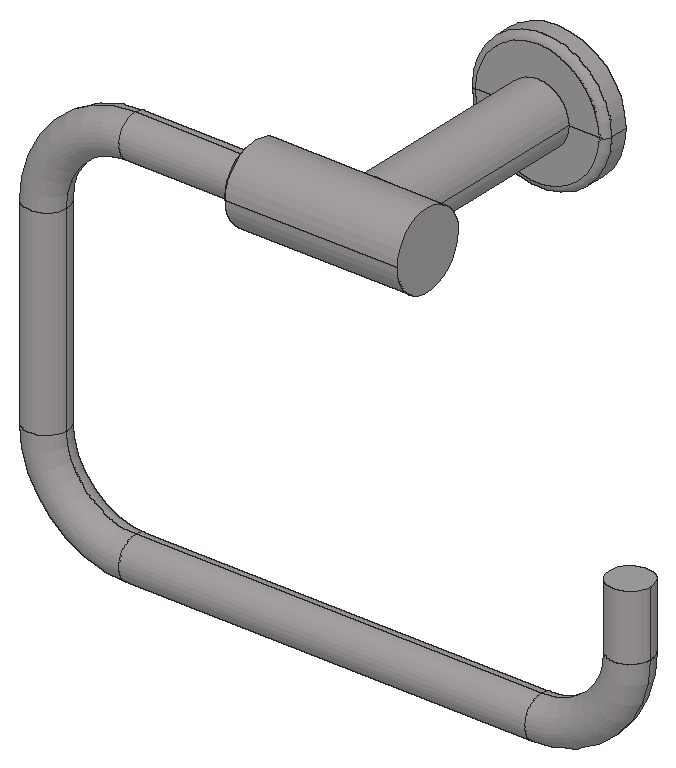
Revit family "Reece_Accessory_Mizu_Drift_Guest Towel Holder_Square", category Plumbing Fixtures, Revit 2018
Family settings
  Round Connector Dimension = Use Diameter
  Part Type = Normal
  Work Plane-Based = Yes
  Always vertical = Yes
  Cut with Voids When Loaded = Yes
  Shared = Yes
  Room Calculation Point = Yes
Parameters (values of type "Brushed Gunmetal")
  URL = "https://www.reece.com.au/product/-2217445"
  Type Comments = "Accessory"
  Reece_Product_Web Page = "https://www.reece.com.au/product/-2217445"
  Reece_Product_Type = "Accessory"  # constant formula
  Reece_Product_Sub Brand = "Drift"  # constant formula
  Reece_Product_Number = "2217445"
  Reece_Product_Mount = "Wall Mounted"  # constant formula
  Reece_Product_Description = "Mizu Drift Square Guest Towel Holder Brushed Gunmetal"
  Reece_Product_Brand = "Mizu"  # constant formula
  Reece_Overall_Width = 182 mm  # constant formula
  Reece_Overall_Height = 136 mm  # constant formula
  Reece_Material_Secondary = Reece_Brass_Matte Black
  Reece_Material_Main = Reece_Brass_Brushed Gunmetal
  Reece_Detail_Shape = "Square"
  Reece_Detail_Installation = ""
  Reece_Detail_Disclaimer = "THIS FILE IS THE PROPERTY OF THE REECE GROUP. IT MAY NOT BE REPRODUCED, REVERSE-ENGINEERED, OR MODIFIED. ANY REPUBLICATION, TRANSMISSION, OR DISTRIBUTION FOR THE PURPOSE OF COMMERCIALLY EXPLOITING THE FILES IS PROHIBITED."  # constant formula
  Reece_Detail_Connector = ""
  Reece_Detail_Additional = ""
  Reece_Backplate Radius = 20 mm  # constant formula
  Reece_Accessory_Projection = 83 mm  # constant formula
  Model = "Drift"
  Manufacturer = "Mizu"
  Keynote = "Product #2217445, Reece_Accessory_Mizu_Drift_Guest Towel Holder_Square - Brushed Gunmetal"
  Disclaimer = "THIS FILE IS THE PROPERTY OF THE REECE GROUP. IT MAY NOT BE REPRODUCED, REVERSE-ENGINEERED, OR MODIFIED. ANY REPUBLICATION, TRANSMISSION, OR DISTRIBUTION FOR THE PURPOSE OF COMMERCIALLY EXPLOITING THE FILES IS PROHIBITED."  # constant formula
  Description = "Mizu Drift Square Guest Towel Holder Brushed Gunmetal"
  Default Elevation = 1000 mm
Types (5, lengths in mm): name | URL | Reece_Product_Web Page | Reece_Product_Number | Reece_Product_Description | Reece_Material_Main | Keynote | Description
  Chrome | "https://www.reece.com.au/product/-2202095" | "https://www.reece.com.au/product/-2202095" | "2202095" | "Mizu Drift Square Guest Towel Holder Chrome" | Reece_Brass_Chrome | "Product #2202095, Reece_Accessory_Mizu_Drift_Guest Towel Holder_Square - Chrome" | "Mizu Drift Square Guest Towel Holder Chrome"
  Brushed Nickel | "https://www.reece.com.au/product/-9508233" | "https://www.reece.com.au/product/-9508233" | "9508233" | "Mizu Drift Square Guest Towel Holder Brushed Nickel" | Reece_Brass_Brushed Nickel | "Product #9508233, Reece_Accessory_Mizu_Drift_Guest Towel Holder_Square - Brushed Nickel" | "Mizu Drift Square Guest Towel Holder Brushed Nickel"
  Matte Black | "https://www.reece.com.au/product/-9506771" | "https://www.reece.com.au/product/-9506771" | "9506771" | "Mizu Drift Square Guest Towel Holder Matte Black" | Reece_Brass_Matte Black | "Product #9506771, Reece_Accessory_Mizu_Drift_Guest Towel Holder_Square - Matte Black" | "Mizu Drift Square Guest Towel Holder Matte Black"
  Brushed Gunmetal | "https://www.reece.com.au/product/-2217445" | "https://www.reece.com.au/product/-2217445" | "2217445" | "Mizu Drift Square Guest Towel Holder Brushed Gunmetal" | Reece_Brass_Brushed Gunmetal | "Product #2217445, Reece_Accessory_Mizu_Drift_Guest Towel Holder_Square - Brushed Gunmetal" | "Mizu Drift Square Guest Towel Holder Brushed Gunmetal"
  Brushed Brass | "https://www.reece.com.au/product/-9512447" | "https://www.reece.com.au/product/-9512447" | "9512447" | "Mizu Drift Square Guest Towel Holder Brushed Gunmetal" | Reece_Brass_Brushed | "Product #9512447, Reece_Accessory_Mizu_Drift_Guest Towel Holder_Square - Brushed Brass" | "Mizu Drift Square Guest Towel Holder Brushed Gunmetal"
Reference planes
  plane 1 "Center (Front/Back)": y = 0
  plane 2 "Bottom Host Plane": z = 0
  plane 3 "Center (Left/Right)": x = 0
  plane 4: z = -116
  plane 5: x = 85
  plane 6: x = -97
Forms (mm)
  Revolve 1, solid, material "Reece_Brass_Brushed Gunmetal" <- "Reece_Material_Main"
    sketch origin (-497.5, 0, 0) x (-1, 0, 0) y (0, -1, 0)
      loop
        line (-497.5, 0) -> (-477.5, 0) -> (-477.5, 5)
        arc (-477.5, 5) -> (-478.086, 6.414) -> (-479.5, 7) r 2
        line (-479.5, 7) -> (-488.5, 7) -> (-488.5, 72) -> (-497.5, 72) -> (-497.5, 0)
      axis (-497.5, 0) -> (-497.5, 72)
    angle from 0 to 360
  Extrusion 2, solid, material "Reece_Brass_Brushed Gunmetal" <- "Reece_Material_Main"
    sketch origin (0, 0, 0) x (0, 1, 0) y (0, 0, -1)
      loop
        circle (-72, 0) r 11
    from -20 to 30
  Extrusion 3, solid, material "Reece_Brass_Matte Black" <- "Reece_Material_Secondary"
    sketch origin (0, 0, 0) x (0, 1, 0) y (0, 0, -1)
      loop
        circle (-72, 0) r 9.5
      loop
        circle (-72, 0) r 6
    from 30 to 31.3
  Sweep 4, solid, material "Reece_Brass_Brushed Gunmetal" <- "Reece_Material_Main"
    path origin (0, -72, 0) x (-1, 0, 0) y (0, 0, -1)
      loop
        line (30, 0) -> (65, 0)
        arc (65, 0) -> (83.385, 7.615) -> (91, 26) r 26
        line (91, 26) -> (91, 84)
        arc (91, 84) -> (83.385, 102.385) -> (65, 110) r 26
        line (65, 110) -> (-53, 110)
        arc (-53, 110) -> (-71.385, 102.385) -> (-79, 84) r 26
        line (-79, 84) -> (-79, 65)
    profile origin (-47.5, -72, 0) x (0, 0, -1) y (0, -1, 0)
      loop
        circle (0, 0) r 6
Cuts and joins
  joined: Revolve 1, Extrusion 2, Sweep 4
Text (mm)
  text "Reece ©" at (2726.345, -2609.327, 2681.14), in view "Reece Preview"
  text "Reece ©" at (480.382, -277.313, -1020.679), in view "Ref. Level"
Dimensions and locks
  "Reece_Backplate Radius": Revolve 1 sketch curve to Revolve 1 sketch curve
  Revolve 1 sketch curve to plane 1 "Center (Front/Back)" = 72 mm
  Revolve 1 to plane 4 = 136 mm
  plane 5 to plane 6 = 182 mm
  plane 1 "Center (Front/Back)" to cut or joined group of Revolve 1, Extrusion 2, Sweep 4 = 83 mm
  aligned and locked: Revolve 1 sketch curve to Revolve 1 sketch curve
Automatic sketch dimensions
  Extrusion 2 sketch curve to level = 0 mm
  plane 1 "Center (Front/Back)" to Extrusion 2 sketch curve = 72 mm
  Extrusion 3 sketch curve to level = 0 mm
  plane 1 "Center (Front/Back)" to Extrusion 3 sketch curve = 72 mm
  Sweep 4 sketch curve to level = 0 mm
  plane 3 "Center (Left/Right)" to Sweep 4 sketch curve = 79 mm
  Sweep 4 sketch curve to Sweep 4 sketch curve = 26 mm  (x2)
  Sweep 4 sketch curve to plane 3 "Center (Left/Right)" = 65 mm  (x2)
  Sweep 4 sketch curve to level = 84 mm
  Sweep 4 sketch curve to plane 3 "Center (Left/Right)" = 30 mm
  Sweep 4 sketch curve to Sweep 4 sketch curve = 19 mm
  Sweep 4 sketch curve to profile plane = 0 mm  (x2)
  Extrusion 3 sketch curve to Extrusion 3 sketch curve = 0 mm  (x2)
  level to Extrusion 3 sketch curve = 6 mm
  plane 1 "Center (Front/Back)" to Revolve 1 sketch curve = 0 mm  (x2)
  Revolve 1 sketch curve to plane 3 "Center (Left/Right)" = 0 mm
  Revolve 1 sketch curve to plane 3 "Center (Left/Right)" = 9 mm
  Revolve 1 sketch curve to Revolve 1 sketch curve = 2 mm
  Revolve 1 sketch curve to Revolve 1 sketch curve = 5 mm
  Revolve 1 sketch curve to Revolve 1 sketch curve = 80 mm
  radius of Extrusion 2 sketch curve = 11 mm
  radius of Extrusion 3 sketch curve = 9.5 mm
  radius of Sweep 4 sketch curve = 6 mm
